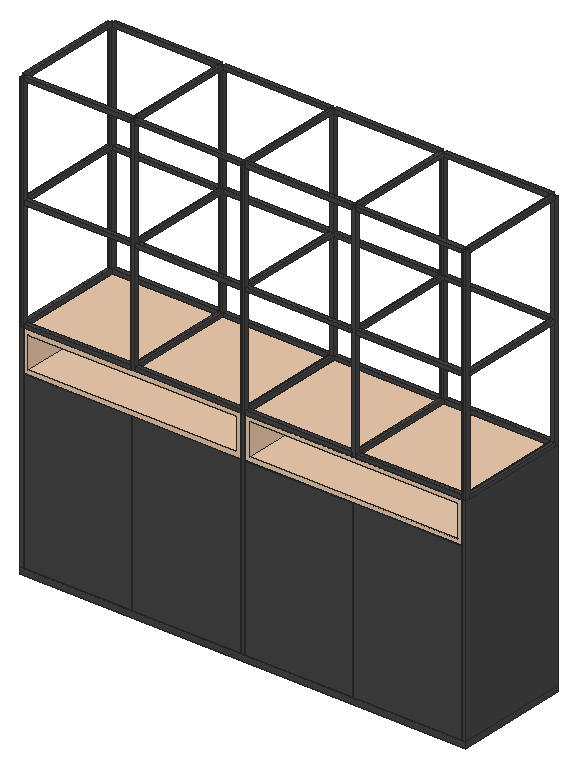
Revit family "DBLTD_TheSenatorGroup_OffcStrg_CrateDivide_StorageMounted", category Furniture, Revit 2018
Family settings
  Work Plane-Based = No
  Always vertical = Yes
  Cut with Voids When Loaded = No
  Shared = Yes
  Room Calculation Point = No
Parameters (values of type "2-High 4 Bay on Cubby Storage")
  WarrantyStartDate [instance] = "1900-12-31T23:59:59"
  WarrantyGuarantorParts = "n/a"
  WarrantyGuarantorLabor = "n/a"
  WarrantyDurationUnit = "Years"
  WarrantyDurationParts = "n/a"
  WarrantyDurationLabor = "n/a"
  WarrantyDescription = "Allermuir will repair, or replace (at Allermuir’s sole discretion) with comparable free of charge materials/ components, any product/ component which fails under normal use in a single shift environment, as a result of a defect in the materials and/or workmanship. Exceptions - Non-standard product - 2 years Screen-mounted Accessories/ Dry-wipe Boards - 2 years Electrical and/or electronic componentry - 2 years. Exclusions - Allermuir does not warrant: Failure due to normal “Wear and Tear”. Natural variations in appearance of wood - its grain, figure and colour. Changes in surface appearance resulting from exposure to light, and the natural ageing process of wood. Changes in surface appearance resulting from the misuse of cleaning materials and methods/ damage form sharp objects/ imprinting from writing implements. Natural variations in Leather - its marks, scars and wrinkles. Product stored/ exposed to extreme operational conditions. Consumable components such as Fuses/ Lights/ lamps/ transformers/etc. Other Manufacturer’s product supplied by Allermuir (their own warranty shall apply where possible). Non-standard fabrics/ finishes or veneers used. Allermuir only checks the manufacturing quality of Customer’s Own Material (COM) and provides no warrant"
  Version = "2"  # constant formula
  UnitMaterial [instance] = TheSenatorGroup_Wood_StrataOak
  Uniclass2015Version = "Products v1.9"
  Uniclass2015Title = "Office storage units"
  Uniclass2015Code = "Pr_40_30_78_57"
  URL = "https://www.thesenatorgroup.com/"
  Type Comments = "2-High 4 Bay on Cubby Storage"
  TagNumber [instance] = "n/a"
  SustainabilityPerformance = "Contains up to 50.00% of Recycled Material"
  Style = "n/a"
  Size = "L 458mm x  W 1784mm x  H 1790mm"
  Shape = "Rectangular"
  SerialNumber [instance] = "n/a"
  Revision = "n/a"
  ReplacementCost = "n/a"
  ProductInformation = "https://www.thesenatorgroup.com/en/catalog/allermuir/tables-storage/crate-divide"
  OmniClassTitle = "Storage"
  OmniClassCode = "22-12 51 19"
  NominalWidth = 1784 mm
  NominalLength = 1784 mm
  NominalHeight = 1790 mm
  NominalDepth = 458 mm
  Name = "OfficeStorage_CrateDivide_StorageMounted"
  NBSReference = "45-35-80/360"
  NBSDescription = "Office storage"
  NBSCertification = ""
  ModelReference = "2-High 4 Bay on Cubby Storage"
  ModelNumber = "CRT2H4BCS"
  Model = "CRT2H4BCS"
  Material = "Tubular Steel"
  ManufacturerURL = "https://www.thesenatorgroup.com/"
  ManufacturerName = "The Senator Group"
  Manufacturer = "The Senator Group"
  MainColor = "n/a"
  Keynote = "Pr_40_30_78_57"
  Is4Bay = yes
  Is3Bay = yes
  Is2Bay = yes
  InstallationDate [instance] = "1900-12-31T23:59:59"
  IfcExportType = "STORAGE"  # constant formula
  IfcExportAs = "IfcFurnitureType"  # constant formula
  HasCubbby = DBLTD_TheSenatorGroup_OffcStrg_CrateDivide_Cubby_Nested : Double Cubby
  HasCentreCastor = yes
  Grade = "n/a"
  FrameMaterial [instance] = TheSenatorGroup_Plastic_Black
  Finish = "Black powder coat as standard. Optional colours available White, Sage, Bronze and Aubergine. MFC Storage available in Black, White or Strata Oak."
  Features = "A cube based modular storage system with a prime function to to act as a room divider. Create spaces using the modular design of Crate. Pre-built components can be connected together in-line or at right angles to create different zones within existing spaces."
  ExpectedLife = "n/a"
  DurationUnit = "year"
  DoorWidth = 432 mm
  DoorHeight = 728 mm
  DoorGap = 18 mm
  Description = "2-High 4 Bay on Cubby Storage"
  Cost = 0
  Constituents = "Tubular Steel frame available in Optional White, Sage, Bronze and Aubergine powder coat"
  Color = "Defined by Finish Specifed"
  CodePerformance = "n/a"
  CentralFrame = not(Is2Bay)  # no
  Category = "Pr_40_30_78_57:Office storage units"
  CarcassMaterial [instance] = TheSenatorGroup_Wood_Black
  BayHeight = DBLTD_TheSenatorGroup_OffcStrg_CrateDivide_Storage_Nested : Bars to Link 2-High Bay Unit
  BarCode [instance] = "n/a"
  BackPanel = 729 mm
  BIMObjectName = "TheSenatorGroup_OfficeStorage_CrateDivide_StorageMounted"
  Author = "Diane Butterworth Ltd"  # constant formula
  AssetType = "Movable"
  AssetIdentifier [instance] = "n/a"
  AccessibilityPerformance = "n/a"
  3BayFoot = no
Types (11, lengths in mm): name | Type Comments | Size | NominalWidth | NominalLength | NominalHeight | ModelReference | ModelNumber | Model | Is4Bay | Is3Bay | HasCubbby | HasCentreCastor | DoorWidth | DoorHeight | DoorGap | Description | CarcassMaterial | BayHeight | BackPanel | 3BayFoot
  (no name) | "2-High 4 Bay on Cubby Storage" | "L 458mm x  W 1784mm x  H 1790mm" | 1784 | 1784 | 1790 | "2-High 4 Bay on Cubby Storage" | "CRT2H4BCS" | "CRT2H4BCS" | yes | yes | DBLTD_TheSenatorGroup_OffcStrg_CrateDivide_Cubby_Nested : Double Cubby | yes | 432 | 728 | 18 | "2-High 4 Bay on Cubby Storage" | TheSenatorGroup_Wood_Black | DBLTD_TheSenatorGroup_OffcStrg_CrateDivide_Storage_Nested : Bars to Link 2-High Bay Unit | 729 | no
  2-High 2 Bay on Cubby Storage | "2-High 2 Bay on Cubby Storage" | "L 458mm x  W 900mm x  H 1790mm" | 900 | 900 | 1790 | "2-High 2 Bay on Cubby Storage" | "CRT2H2BCS" | "CRT2H2BCS" | no | no | DBLTD_TheSenatorGroup_OffcStrg_CrateDivide_Cubby_Nested : Single Cubby | no | 432 | 728 | 1 | "2-High 2 Bay on Cubby Storage" | TheSenatorGroup_Wood_StrataOak | DBLTD_TheSenatorGroup_OffcStrg_CrateDivide_Storage_Nested : Bars to Link 2-High Bay Unit | 729 | no
  2-High 3 Bay on Storage | "2-High 3 Bay on Storage" | "L 458mm x  W 1342mm x  H 1790mm" | 1342 | 1342 | 1790 | "2-High 3 Bay on Storage" | "CRT2H3BS" | "CRT2H3BS" | no | yes | DBLTD_TheSenatorGroup_OffcStrg_CrateDivide_Cubby_Nested : No Cubby | yes | 441 | 873 | 1 | "2-High 3 Bay on Storage" | TheSenatorGroup_Wood_StrataOak | DBLTD_TheSenatorGroup_OffcStrg_CrateDivide_Storage_Nested : Bars to Link 2-High Bay Unit | 874 | yes
  2-High 4 Bay on Cubby Storage | "2-High 4 Bay on Cubby Storage" | "L 458mm x  W 1784mm x  H 1790mm" | 1784 | 1784 | 1790 | "2-High 4 Bay on Cubby Storage" | "CRT2H4BCS" | "CRT2H4BCS" | yes | yes | DBLTD_TheSenatorGroup_OffcStrg_CrateDivide_Cubby_Nested : Double Cubby | yes | 432 | 728 | 18 | "2-High 4 Bay on Cubby Storage" | TheSenatorGroup_Wood_Black | DBLTD_TheSenatorGroup_OffcStrg_CrateDivide_Storage_Nested : Bars to Link 2-High Bay Unit | 729 | no
  2-High 2 Bay on Storage | "2-High 2 Bay on Cubby Storage" | "L 458mm x  W 900mm x  H 1790mm" | 900 | 900 | 1790 | "2-High 2 Bay on Cubby Storage" | "CRT2H2BCS" | "CRT2H2BCS" | no | no | DBLTD_TheSenatorGroup_OffcStrg_CrateDivide_Cubby_Nested : No Cubby | no | 432 | 873 | 1 | "2-High 2 Bay on Cubby Storage" | TheSenatorGroup_Wood_StrataOak | DBLTD_TheSenatorGroup_OffcStrg_CrateDivide_Storage_Nested : Bars to Link 2-High Bay Unit | 874 | no
  3-High 2 Bay on Cubby Storage | "2-High 2 Bay on Cubby Storage" | "L 458mm x  W 1342mm x  H 2232mm" | 900 | 900 | 2232 | "2-High 2 Bay on Cubby Storage" | "CRT2H2BCS" | "CRT2H2BCS" | no | no | DBLTD_TheSenatorGroup_OffcStrg_CrateDivide_Cubby_Nested : Single Cubby | no | 432 | 728 | 1 | "2-High 2 Bay on Cubby Storage" | TheSenatorGroup_Wood_StrataOak | DBLTD_TheSenatorGroup_OffcStrg_CrateDivide_Storage_Nested : Bars to Link 3-High Bay Unit | 729 | no
  2-High 4 Bay on Storage | "2-High 4 Bay on Storage" | "L 458mm x  W 1784mm x  H 1790mm" | 1784 | 1784 | 1790 | "2-High 4 Bay on Storage" | "CRT2H4BS" | "CRT2H4BS" | yes | yes | DBLTD_TheSenatorGroup_OffcStrg_CrateDivide_Cubby_Nested : No Cubby | yes | 432 | 873 | 18 | "2-High 4 Bay on Storage" | TheSenatorGroup_Wood_Black | DBLTD_TheSenatorGroup_OffcStrg_CrateDivide_Storage_Nested : Bars to Link 2-High Bay Unit | 874 | no
  3-High 4 Bay on Storage | "3-High 4 Bay on Storage" | "L 458mm x  W 1784mm x  H 2232mm" | 1784 | 1784 | 2232 | "3-High 4 Bay on Storage" | "CRT3H4BS" | "CRT3H4BS" | yes | yes | DBLTD_TheSenatorGroup_OffcStrg_CrateDivide_Cubby_Nested : No Cubby | yes | 432 | 873 | 18 | "3-High 4 Bay on Storage" | TheSenatorGroup_Wood_Black | DBLTD_TheSenatorGroup_OffcStrg_CrateDivide_Storage_Nested : Bars to Link 3-High Bay Unit | 874 | no
  3-High 4 Bay on Cubby Storage | "3-High 4 Bay on Cubby Storage" | "L 458mm x  W 1784mm x  H 2232mm" | 1784 | 1784 | 2232 | "3-High 4 Bay on Cubby Storage" | "CRT3H4BCS" | "CRT3H4BCS" | yes | yes | DBLTD_TheSenatorGroup_OffcStrg_CrateDivide_Cubby_Nested : Double Cubby | yes | 432 | 728 | 18 | "3-High 4 Bay on Cubby Storage" | TheSenatorGroup_Wood_Black | DBLTD_TheSenatorGroup_OffcStrg_CrateDivide_Storage_Nested : Bars to Link 3-High Bay Unit | 729 | no
  3-High 3 Bay on Storage | "3-High 3 Bay on Storage" | "L 458mm x  W 1342mm x  H 2232mm" | 1342 | 1342 | 2232 | "3-High 3 Bay on Storage" | "CRT3H3BS" | "CRT3H3BS" | no | yes | DBLTD_TheSenatorGroup_OffcStrg_CrateDivide_Cubby_Nested : No Cubby | yes | 441 | 873 | 1 | "3-High 3 Bay on Storage" | TheSenatorGroup_Wood_StrataOak | DBLTD_TheSenatorGroup_OffcStrg_CrateDivide_Storage_Nested : Bars to Link 3-High Bay Unit | 874 | yes
  3-High 2 Bay on Storage | "3-High 2 Bay on Cubby Storage" | "L 458mm x  W 900mm x  H 2232mm" | 900 | 900 | 2232 | "3-High 2 Bay on Cubby Storage" | "CRT3H2BS" | "CRT3H2BS" | no | no | DBLTD_TheSenatorGroup_OffcStrg_CrateDivide_Cubby_Nested : No Cubby | no | 432 | 873 | 1 | "3-High 2 Bay on Cubby Storage" | TheSenatorGroup_Wood_StrataOak | DBLTD_TheSenatorGroup_OffcStrg_CrateDivide_Storage_Nested : Bars to Link 3-High Bay Unit | 874 | no
Reference planes
  plane 1 "Back": y = 0
  plane 2: z = 0
  plane 3 "Center (Left/Right)": x = 0
  plane 4 "Front": y = -458
  plane 5 "Left": x = -892
  plane 6 "Right": x = 892
  plane 7 "Top": z = 1790
  plane 8: y = -229
  plane 9: z = 31.5
Forms (mm)
  Extrusion 1, solid, material "TheSenatorGroup_Wood_Black" <- "CarcassMaterial"
    sketch origin (0, 0, 0) x (1, 0, 0) y (0, 0, 1)
      loop
        line (-892, 892) -> (-892, 31.5) -> (-876.06, 31.5) -> (-876.06, 892) -> (-892, 892)
      loop
        line (892, 892) -> (876.06, 892) -> (876.06, 31.5) -> (892, 31.5) -> (892, 892)
    from 0 to 458
  Extrusion 2, solid, material "TheSenatorGroup_Wood_Black" <- "CarcassMaterial", visible <- "Is4Bay"
    sketch origin (442.06, 0, 0) x (1, 0, 0) y (0, 0, 1)
      loop
        line (-450.03, 892) -> (-450.03, 31.5) -> (-434.09, 31.5) -> (-434.09, 892) -> (-450.03, 892)
    from 16 to 458
  Extrusion 3, solid, material "TheSenatorGroup_Wood_Black" <- "CarcassMaterial"
    sketch origin (0, 0, -95) x (1, 0, 0) y (0, 0, 1)
      loop
        line (-892, 126.5) -> (-892, 102) -> (892, 102) -> (892, 126.5) -> (-892, 126.5)
    from 0 to 458
  Extrusion 4, solid, material "TheSenatorGroup_Wood_Black" <- "CarcassMaterial"
    sketch origin (0, 0, 0) x (1, 0, 0) y (0, 0, 1)
      loop
        line (-876.06, 729) -> (-876.06, 31.5) -> (876.06, 31.5) -> (876.06, 729) -> (-876.06, 729)
    from 0 to 16
  Extrusion 5, solid, material "TheSenatorGroup_Wood_Black" <- "CarcassMaterial"
    sketch origin (0, 0, 0) x (1, 0, 0) y (0, 0, 1)
      loop
        line (-875.06, 728) -> (-875.06, 32.5) -> (-442.97, 32.5) -> (-442.97, 728) -> (-875.06, 728)
    from 442.12 to 458
  Extrusion 6, solid, material "TheSenatorGroup_Wood_Black" <- "CarcassMaterial"
    sketch origin (-883.94, 0, 0) x (-1, 0, 0) y (0, 0, -1)
      loop
        line (-874.97, -728) -> (-442.97, -728) -> (-442.97, -31.5) -> (-874.97, -31.5) -> (-874.97, -728)
    from 442.12 to 458
  Extrusion 7, solid, material "TheSenatorGroup_Wood_Black" <- "CarcassMaterial", visible <- "Is3Bay"
    sketch origin (0.12, 0, 0) x (-1, 0, 0) y (0, 0, -1)
      loop
        line (-441, -728) -> (-8.91, -728) -> (-8.91, -31.5) -> (-441, -31.5) -> (-441, -728)
    from 442.12 to 458
  Extrusion 8, solid, material "TheSenatorGroup_Wood_Black" <- "CarcassMaterial", visible <- "Is4Bay"
    sketch origin (433.21, 0, 0) x (-1, 0, 0) y (0, 0, -1)
      loop
        line (-442, -728) -> (-9.91, -728) -> (-9.91, -31.5) -> (-442, -31.5) -> (-442, -728)
    from 442.12 to 458
Dimensions and locks
  "NominalDepth": plane 4 "Front" to plane 1 "Back"
  equal spacing: plane 5 "Left", plane 3 "Center (Left/Right)", plane 6 "Right"
  "NominalLength": plane 5 "Left" to plane 6 "Right"
  "NominalHeight": plane 7 "Top" to level
  equal spacing: plane 4 "Front", plane 8, plane 1 "Back"
  locked: Extrusion 1 sketch curve to plane 5 "Left" at 15.94
  locked: plane 6 "Right" to Extrusion 1 sketch curve at 15.94
  locked: Extrusion 2 sketch curve to Extrusion 2 sketch curve at 15.94
  equal spacing: Extrusion 2 sketch curve, plane 3 "Center (Left/Right)", Extrusion 2 sketch curve
  locked: Extrusion 5 sketch curve to plane 5 "Left" at 16.94
  locked: Extrusion 5 sketch curve to Extrusion 5 sketch curve at 432.09
  "DoorWidth": Extrusion 6 sketch curve to Extrusion 6 sketch curve
  locked: Extrusion 6 sketch curve to Extrusion 5 at 2
  locked: Extrusion 7 sketch curve to Extrusion 7 sketch curve at 432.09
  "DoorGap": Extrusion 7 sketch curve to Extrusion 6
  locked: Extrusion 8 sketch curve to Extrusion 8 sketch curve at 432.09
  locked: Extrusion 8 sketch curve to Extrusion 7 at 2
  Extrusion 5 sketch curve to plane 2 = 32.5 mm
  "DoorHeight": Extrusion 5 sketch curve to plane 2
  "DoorHeight": Extrusion 6 sketch curve to plane 2
  "DoorHeight": Extrusion 7 sketch curve to plane 2
  "DoorHeight": Extrusion 8 sketch curve to plane 2
  "BackPanel": Extrusion 4 sketch curve to level
  aligned and locked: level to plane 2
  aligned and locked: plane 5 "Left" to Extrusion 1 sketch curve
  aligned and locked: plane 6 "Right" to Extrusion 1 sketch curve
  aligned and locked: Extrusion 3 sketch curve to plane 6 "Right"
  aligned and locked: plane 5 "Left" to Extrusion 3 sketch curve
  aligned and locked: nested 3 to nested 1
  aligned and locked: nested 2 to nested 3
  aligned and locked: nested 4 to nested 2
  aligned and locked: plane 5 "Left" to nested 1
  aligned and locked: Extrusion 6 to Extrusion 7 sketch curve
  aligned and locked: Extrusion 7 to Extrusion 8 sketch curve
  aligned and locked: plane 5 "Left" to nested 5
Automatic sketch dimensions
  level to Extrusion 1 sketch curve = 31.5 mm  (x2)
  Extrusion 1 sketch curve to Extrusion 1 sketch curve = 860.5 mm  (x2)
  level to Extrusion 2 sketch curve = 31.5 mm
  Extrusion 2 sketch curve to Extrusion 2 sketch curve = 860.5 mm
  Extrusion 3 sketch curve to plane 9 = 0 mm
  level to Extrusion 3 sketch curve = 7 mm
  Extrusion 4 sketch curve to plane 9 = 0 mm
  plane 5 "Left" to Extrusion 4 sketch curve = 15.94 mm
  Extrusion 4 sketch curve to plane 6 "Right" = 15.94 mm
  Extrusion 6 sketch curve to plane 9 = 0 mm
Nested families
  nested 1: "DBLTD_TheSenatorGroup_OffcStrg_CrateDivide_Storage_Nested" at (-663, 0, 0), FrameMaterial <- "FrameMaterial", type <- "BayHeight", type "Bars to Link 2-High Bay Unit"
    with WarrantyStartDate "1900-12-31T23:59:59", TagNumber "n/a", SerialNumber "n/a", InstallationDate "1900-12-31T23:59:59", FrameMaterial TheSenatorGroup_Plastic_Black, BarCode "n/a", AssetIdentifier "n/a"
  nested 2: "DBLTD_TheSenatorGroup_OffcStrg_CrateDivide_Storage_Nested" at (221.12, 0, 0), FrameMaterial <- "FrameMaterial", visible <- "Is3Bay", type <- "BayHeight", type "Bars to Link 2-High Bay Unit"
    with WarrantyStartDate "1900-12-31T23:59:59", TagNumber "n/a", SerialNumber "n/a", InstallationDate "1900-12-31T23:59:59", FrameMaterial TheSenatorGroup_Plastic_Black, BarCode "n/a", AssetIdentifier "n/a"
  nested 3: "DBLTD_TheSenatorGroup_OffcStrg_CrateDivide_Storage_Nested" at (-220.94, 0, 0), FrameMaterial <- "FrameMaterial", visible <- "Is2Bay", type <- "BayHeight", type "Bars to Link 2-High Bay Unit"
    with WarrantyStartDate "1900-12-31T23:59:59", TagNumber "n/a", SerialNumber "n/a", InstallationDate "1900-12-31T23:59:59", FrameMaterial TheSenatorGroup_Plastic_Black, BarCode "n/a", AssetIdentifier "n/a"
  nested 4: "DBLTD_TheSenatorGroup_OffcStrg_CrateDivide_Storage_Nested" at (663.18, 0, 0), FrameMaterial <- "FrameMaterial", visible <- "Is4Bay", type <- "BayHeight", type "Bars to Link 2-High Bay Unit"
    with WarrantyStartDate "1900-12-31T23:59:59", TagNumber "n/a", SerialNumber "n/a", InstallationDate "1900-12-31T23:59:59", FrameMaterial TheSenatorGroup_Plastic_Black, BarCode "n/a", AssetIdentifier "n/a"
  nested 5: "DBLTD_TheSenatorGroup_OffcStrg_CrateDivide_Cubby_Nested" at (-663, 0, 0), type <- "HasCubbby", Width <- "NominalWidth", FrameMaterial <- "CarcassMaterial", UnitMaterial <- "UnitMaterial", Is4Bay <- "Is4Bay", 3BayFoot <- "3BayFoot", type "Double Cubby"
    with Width 1784 mm, UnitMaterial TheSenatorGroup_Wood_StrataOak, IsBay3 yes, Is4Bay yes, FrameMaterial TheSenatorGroup_Wood_Black, 3BayFoot no
Definition of nested family "DBLTD_TheSenatorGroup_OffcStrg_CrateDivide_Storage_Nested"
  Parameters (values of type "Bars to Link 3-High Bay Unit")
    WarrantyStartDate [instance] = "1900-12-31T23:59:59"
    WarrantyGuarantorParts = "n/a"
    WarrantyGuarantorLabor = "n/a"
    WarrantyDurationUnit = "Years"
    WarrantyDurationParts = "n/a"
    WarrantyDurationLabor = "n/a"
    WarrantyDescription = "Allermuir will repair, or replace (at Allermuir’s sole discretion) with comparable free of charge materials/ components, any product/ component which fails under normal use in a single shift environment, as a result of a defect in the materials and/or workmanship. Exceptions - Non-standard product - 2 years Screen-mounted Accessories/ Dry-wipe Boards - 2 years Electrical and/or electronic componentry - 2 years. Exclusions - Allermuir does not warrant: Failure due to normal “Wear and Tear”. Natural variations in appearance of wood - its grain, figure and colour. Changes in surface appearance resulting from exposure to light, and the natural ageing process of wood. Changes in surface appearance resulting from the misuse of cleaning materials and methods/ damage form sharp objects/ imprinting from writing implements. Natural variations in Leather - its marks, scars and wrinkles. Product stored/ exposed to extreme operational conditions. Consumable components such as Fuses/ Lights/ lamps/ transformers/etc. Other Manufacturer’s product supplied by Allermuir (their own warranty shall apply where possible). Non-standard fabrics/ finishes or veneers used. Allermuir only checks the manufacturing quality of Customer’s Own Material (COM) and provides no warrant"
    Version = "2"  # constant formula
    Uniclass2015Version = "Products v1.9"
    Uniclass2015Title = "Office storage units"
    Uniclass2015Code = "Pr_40_30_78_57"
    URL = "https://www.thesenatorgroup.com/"
    Type Comments = ModelReference  # "Connector bars to link 3-high bay unit"
    TagNumber [instance] = "n/a"
    SustainabilityPerformance = "Contains up to 50.00% of Recycled Material"
    Style = "n/a"
    Size = "L 458mm x  W 458mm x  H 1348mm"
    Shape = "Rectangular"
    SerialNumber [instance] = "n/a"
    Revision = "n/a"
    ReplacementCost = "n/a"
    ProductInformation = "https://www.thesenatorgroup.com/en/catalog/allermuir/tables-storage/crate-divide"
    OmniClassTitle = "Storage"
    OmniClassCode = "22-12 51 19"
    NominalWidth = NominalLength  # 458 mm
    NominalLength = 458 mm
    NominalHeight = 1348 mm
    NominalDepth = 458 mm
    Name = "OfficeStorage_CrateDivide_LinkingBars"
    NBSReference = "45-35-80/360"
    NBSDescription = "Office storage"
    NBSCertification = ""
    ModelReference = "Connector bars to link 3-high bay unit"
    ModelNumber = "CRT8CB"
    Model = ModelNumber  # "CRT8CB"
    Material = "Tubular Steel"
    ManufacturerURL = "https://www.thesenatorgroup.com/"
    ManufacturerName = "The Senator Group"
    Manufacturer = "The Senator Group"
    MainColor = "n/a"
    Keynote = "Pr_40_30_78_57"
    Is2Bay [instance] = yes
    InstallationDate [instance] = "1900-12-31T23:59:59"
    IfcExportType = "STORAGE"  # constant formula
    IfcExportAs = "IfcFurnitureType"  # constant formula
    Grade = "n/a"
    FrameNumber = 3
    FrameMaterial [instance] = none
    Finish = "Black powder coat as standard. Optional colours available White, Sage, Bronze and Aubergine"
    Features = "A cube based modular storage system with a prime function to to act as a room divider. Create spaces using the modular design of Crate. Pre-built components can be connected together in-line or at right angles to create different zones within existing spaces."
    FameHeight = 1342 mm
    ExpectedLife = "n/a"
    DurationUnit = "year"
    Description = ModelReference  # "Connector bars to link 3-high bay unit"
    Cost = 0
    Constituents = "Tubular Steel frame available in Optional White, Sage, Bronze and Aubergine powder coat"
    Color = "Defined by Finish Specifed"
    CodePerformance = "n/a"
    Category = "Pr_40_30_78_57:Office storage units"
    BarCode [instance] = "n/a"
    BIMObjectName = "TheSenatorGroup_OfficeStorage_CrateDivide_LinkingBars"
    Author = "Diane Butterworth Ltd"  # constant formula
    AssetType = "Movable"
    AssetIdentifier [instance] = "n/a"
    AccessibilityPerformance = "n/a"
  Types (2, lengths in mm): name | Type Comments | Size | NominalHeight | ModelReference | ModelNumber | Model | FrameNumber | FameHeight | Description
    Bars to Link 2-High Bay Unit | "Connector bars to link 2-high bay unit" | "L 458mm x  W 458mm x  H 900mm" | 900 | "Connector bars to link 2-high bay unit" | "CRT6CB" | "CRT6CB" | 2 | 899.93 | "Connector bars to link 2-high bay unit"
    Bars to Link 3-High Bay Unit | "Connector bars to link 3-high bay unit" | "L 458mm x  W 458mm x  H 1348mm" | 1348 | "Connector bars to link 3-high bay unit" | "CRT8CB" | "CRT8CB" | 3 | 1342 | "Connector bars to link 3-high bay unit"
  Reference planes
    plane 1 "Back": y = 0
    plane 2: z = 0
    plane 3 "Center (Left/Right)": x = 0
    plane 4 "Front": y = -458
    plane 5 "Left": x = -229
    plane 6 "Right": x = 229
    plane 7: y = -229
    plane 8: z = 892
  Forms (mm)
    Extrusion 1, solid, material <- "FrameMaterial"
      sketch origin (0, 0, 882) x (0, 1, 0) y (0, 0, 1)
        loop
          line (-442.12, 25.88) -> (-458, 25.88) -> (-458, 10) -> (-442.12, 10) -> (-442.12, 25.88)
        loop
          line (0, 25.88) -> (-16, 25.88) -> (-16, 10) -> (0, 10) -> (0, 25.88)
        loop
          line (-2, 23.88) -> (-14, 23.88) -> (-14, 12) -> (-2, 12) -> (-2, 23.88)
        loop
          line (-444.12, 23.88) -> (-456, 23.88) -> (-456, 12) -> (-444.12, 12) -> (-444.12, 23.88)
      from -213.06 to 213.06
    Extrusion 2, solid, material <- "FrameMaterial"
      sketch origin (0, 0, 1324.05) x (0, 1, 0) y (0, 0, 1)
        loop
          line (-442.12, 25.88) -> (-458, 25.88) -> (-458, 10) -> (-442.12, 10) -> (-442.12, 25.88)
        loop
          line (0, 25.88) -> (-16, 25.88) -> (-16, 10) -> (0, 10) -> (0, 25.88)
        loop
          line (-2, 23.88) -> (-14, 23.88) -> (-14, 12) -> (-2, 12) -> (-2, 23.88)
        loop
          line (-444.12, 23.88) -> (-456, 23.88) -> (-456, 12) -> (-444.12, 12) -> (-444.12, 23.88)
      from -213.06 to 213.06
    Extrusion 3, solid, material <- "FrameMaterial"
      sketch origin (0, 0, 1766.05) x (0, 1, 0) y (0, 0, 1)
        loop
          line (-442.12, 25.88) -> (-458, 25.88) -> (-458, 10) -> (-442.12, 10) -> (-442.12, 25.88)
        loop
          line (0, 25.88) -> (-16, 25.88) -> (-16, 10) -> (0, 10) -> (0, 25.88)
        loop
          line (-2, 23.88) -> (-14, 23.88) -> (-14, 12) -> (-2, 12) -> (-2, 23.88)
        loop
          line (-444.12, 23.88) -> (-456, 23.88) -> (-456, 12) -> (-444.12, 12) -> (-444.12, 23.88)
      from -213.06 to 213.06
    Extrusion 4, solid, material <- "FrameMaterial", visible <- "Is2Bay"
      sketch origin (0, 0, 884) x (-1, 0, 0) y (0, -1, 0)
        loop
          line (229, 0) -> (229, 16) -> (213.06, 16) -> (213.06, 0) -> (229, 0)
        loop
          line (213.06, 442.12) -> (229, 442.12) -> (229, 458) -> (213.06, 458) -> (213.06, 442.12)
        loop
          line (227, 2) -> (227, 14) -> (215.06, 14) -> (215.06, 2) -> (227, 2)
        loop
          line (227, 444.12) -> (227, 456.12) -> (215.06, 456.12) -> (215.06, 444.12) -> (227, 444.12)
      from 8 to 1342 <- "FameHeight"
    Extrusion 5, solid, material <- "FrameMaterial"
      sketch origin (0, 0, 884) x (1, 0, 0) y (0, 1, 0)
        loop
          line (229, 0) -> (213.06, 0) -> (213.06, -16) -> (229, -16) -> (229, 0)
        loop
          line (213.06, -442.12) -> (213.06, -458) -> (229, -458) -> (229, -442.12) -> (213.06, -442.12)
        loop
          line (227, -2) -> (215.06, -2) -> (215.06, -14) -> (227, -14) -> (227, -2)
        loop
          line (227, -444.12) -> (215.06, -444.12) -> (215.06, -456.12) -> (227, -456.12) -> (227, -444.12)
      from 8 to 1342 <- "FameHeight"
    Extrusion 6, solid, material <- "FrameMaterial"
      sketch origin (-229, -229.06, 882) x (-1, 0, 0) y (0, 0, 1)
        loop
          line (-442.06, 25.88) -> (-458, 25.88) -> (-458, 10) -> (-442.06, 10) -> (-442.06, 25.88)
        loop
          line (-444.06, 23.88) -> (-456, 23.88) -> (-456, 12) -> (-444.06, 12) -> (-444.06, 23.88)
      from -213.06 to 213.06
    Extrusion 7, solid, material <- "FrameMaterial", visible <- "Is2Bay"
      sketch origin (-671.06, -229.06, 882) x (-1, 0, 0) y (0, 0, 1)
        loop
          line (-442.06, 25.88) -> (-458, 25.88) -> (-458, 10) -> (-442.06, 10) -> (-442.06, 25.88)
        loop
          line (-444.06, 23.88) -> (-456, 23.88) -> (-456, 12) -> (-444.06, 12) -> (-444.06, 23.88)
      from -213.06 to 213.06
    Extrusion 8, solid, material <- "FrameMaterial", not visible
      sketch origin (-229, -229.06, -10) x (-1, 0, 0) y (0, 0, 1)
        loop
          line (-442.06, 25.88) -> (-458, 25.88) -> (-458, 10) -> (-442.06, 10) -> (-442.06, 25.88)
        loop
          line (-444.06, 23.88) -> (-456, 23.88) -> (-456, 12) -> (-444.06, 12) -> (-444.06, 23.88)
      from -213.06 to 213.06
    Extrusion 9, solid, material <- "FrameMaterial", visible <- "Is2Bay", not visible
      sketch origin (-671.06, -229.06, -10) x (-1, 0, 0) y (0, 0, 1)
        loop
          line (-442.06, 25.88) -> (-458, 25.88) -> (-458, 10) -> (-442.06, 10) -> (-442.06, 25.88)
        loop
          line (-444.06, 23.88) -> (-456, 23.88) -> (-456, 12) -> (-444.06, 12) -> (-444.06, 23.88)
      from -213.06 to 213.06
    Extrusion 10, solid, material <- "FrameMaterial"
      sketch origin (-229, -229.06, 1324.05) x (-1, 0, 0) y (0, 0, 1)
        loop
          line (-442.06, 25.88) -> (-458, 25.88) -> (-458, 10) -> (-442.06, 10) -> (-442.06, 25.88)
        loop
          line (-444.06, 23.88) -> (-456, 23.88) -> (-456, 12) -> (-444.06, 12) -> (-444.06, 23.88)
      from -213.06 to 213.06
    Extrusion 11, solid, material <- "FrameMaterial", visible <- "Is2Bay"
      sketch origin (-671.06, -229.06, 1324.05) x (-1, 0, 0) y (0, 0, 1)
        loop
          line (-442.06, 25.88) -> (-458, 25.88) -> (-458, 10) -> (-442.06, 10) -> (-442.06, 25.88)
        loop
          line (-444.06, 23.88) -> (-456, 23.88) -> (-456, 12) -> (-444.06, 12) -> (-444.06, 23.88)
      from -213.06 to 213.06
    Extrusion 12, solid, material <- "FrameMaterial"
      sketch origin (-229, -229.06, 1766.05) x (-1, 0, 0) y (0, 0, 1)
        loop
          line (-442.06, 25.88) -> (-458, 25.88) -> (-458, 10) -> (-442.06, 10) -> (-442.06, 25.88)
        loop
          line (-444.06, 23.88) -> (-456, 23.88) -> (-456, 12) -> (-444.06, 12) -> (-444.06, 23.88)
      from -213.06 to 213.06
    Extrusion 13, solid, material <- "FrameMaterial", visible <- "Is2Bay"
      sketch origin (-671.06, -229.06, 1766.05) x (-1, 0, 0) y (0, 0, 1)
        loop
          line (-442.06, 25.88) -> (-458, 25.88) -> (-458, 10) -> (-442.06, 10) -> (-442.06, 25.88)
        loop
          line (-444.06, 23.88) -> (-456, 23.88) -> (-456, 12) -> (-444.06, 12) -> (-444.06, 23.88)
      from -213.06 to 213.06
    Extrusion 14, solid, material <- "FrameMaterial"
      sketch origin (0, 0, 2208.05) x (0, 1, 0) y (0, 0, 1)
        loop
          line (-442.12, 25.88) -> (-458, 25.88) -> (-458, 10) -> (-442.12, 10) -> (-442.12, 25.88)
        loop
          line (0, 25.88) -> (-16, 25.88) -> (-16, 10) -> (0, 10) -> (0, 25.88)
        loop
          line (-2, 23.88) -> (-14, 23.88) -> (-14, 12) -> (-2, 12) -> (-2, 23.88)
        loop
          line (-444.12, 23.88) -> (-456, 23.88) -> (-456, 12) -> (-444.12, 12) -> (-444.12, 23.88)
      from -213.06 to 213.06
    Extrusion 15, solid, material <- "FrameMaterial"
      sketch origin (-229, -229.06, 2208.05) x (-1, 0, 0) y (0, 0, 1)
        loop
          line (-442.06, 25.88) -> (-458, 25.88) -> (-458, 10) -> (-442.06, 10) -> (-442.06, 25.88)
        loop
          line (-444.06, 23.88) -> (-456, 23.88) -> (-456, 12) -> (-444.06, 12) -> (-444.06, 23.88)
      from -213.06 to 213.06
    Extrusion 16, solid, material <- "FrameMaterial", visible <- "Is2Bay"
      sketch origin (-671.06, -229.06, 2208.05) x (-1, 0, 0) y (0, 0, 1)
        loop
          line (-442.06, 25.88) -> (-458, 25.88) -> (-458, 10) -> (-442.06, 10) -> (-442.06, 25.88)
        loop
          line (-444.06, 23.88) -> (-456, 23.88) -> (-456, 12) -> (-444.06, 12) -> (-444.06, 23.88)
      from -213.06 to 213.06
  Dimensions and locks
    "NominalDepth": plane 4 "Front" to plane 1 "Back"
    equal spacing: plane 5 "Left", plane 3 "Center (Left/Right)", plane 6 "Right"
    "NominalLength": plane 5 "Left" to plane 6 "Right"
    equal spacing: plane 4 "Front", plane 7, plane 1 "Back"
    Extrusion 2 to level = 1349.93 mm
    equal spacing: group 2, group 3, group 8  (x3)
    equal spacing: group 6, group 7, group 9  (x3)
    plane 8 to level = 892 mm
    locked: Extrusion 2 to plane 8 at 442.05
    locked: Extrusion 3 to plane 8 at 884.05
    aligned and locked: level to plane 2
    aligned and locked: Extrusion 1 to plane 8
    aligned and locked: Extrusion 4 to plane 8
    aligned and locked: Extrusion 5 to plane 8
    aligned and locked: Extrusion 6 to plane 8
    aligned and locked: Extrusion 11 to Extrusion 2
    aligned and locked: Extrusion 13 to Extrusion 3
  Automatic sketch dimensions
    Extrusion 1 sketch curve to Extrusion 1 sketch curve = 15.88 mm  (x3)
    Extrusion 1 sketch curve to Extrusion 1 sketch curve = 2 mm  (x8)
    Extrusion 1 sketch curve to Extrusion 1 sketch curve = 426.12 mm
    Extrusion 1 sketch curve to Extrusion 1 sketch curve = 12 mm
    Extrusion 1 sketch curve to Extrusion 1 sketch curve = 0 mm
    Extrusion 2 sketch curve to Extrusion 2 sketch curve = 15.88 mm  (x3)
    Extrusion 2 sketch curve to Extrusion 2 sketch curve = 2 mm  (x8)
    Extrusion 2 sketch curve to Extrusion 2 sketch curve = 426.12 mm
    Extrusion 2 sketch curve to Extrusion 2 sketch curve = 12 mm
    Extrusion 2 sketch curve to Extrusion 2 sketch curve = 0 mm
    Extrusion 3 sketch curve to Extrusion 3 sketch curve = 15.88 mm  (x3)
    Extrusion 3 sketch curve to Extrusion 3 sketch curve = 2 mm  (x8)
    Extrusion 3 sketch curve to Extrusion 3 sketch curve = 426.12 mm
    Extrusion 3 sketch curve to Extrusion 3 sketch curve = 12 mm
    Extrusion 3 sketch curve to Extrusion 3 sketch curve = 0 mm
    plane 1 "Back" to Extrusion 4 sketch curve = 0 mm
    Extrusion 4 sketch curve to plane 4 "Front" = 0 mm
    Extrusion 4 sketch curve to plane 5 "Left" = 0 mm  (x2)
    plane 5 "Left" to Extrusion 4 sketch curve = 2 mm  (x2)
    plane 1 "Back" to Extrusion 4 sketch curve = 2 mm
    Extrusion 4 sketch curve to Extrusion 4 sketch curve = 11.94 mm  (x2)
    Extrusion 4 sketch curve to Extrusion 4 sketch curve = 2 mm  (x4)
    Extrusion 4 sketch curve to Extrusion 4 sketch curve = 12 mm
    plane 4 "Front" to Extrusion 4 sketch curve = 15.88 mm
    plane 4 "Front" to Extrusion 4 sketch curve = 1.88 mm
    plane 1 "Back" to Extrusion 5 sketch curve = 0 mm
    Extrusion 5 sketch curve to plane 4 "Front" = 0 mm
    Extrusion 5 sketch curve to plane 6 "Right" = 0 mm  (x2)
    Extrusion 5 sketch curve to plane 6 "Right" = 2 mm  (x2)
    plane 1 "Back" to Extrusion 5 sketch curve = 2 mm
    Extrusion 5 sketch curve to Extrusion 5 sketch curve = 11.94 mm  (x2)
    Extrusion 5 sketch curve to Extrusion 5 sketch curve = 2 mm  (x4)
    plane 4 "Front" to Extrusion 5 sketch curve = 1.88 mm
    Extrusion 5 sketch curve to Extrusion 5 sketch curve = 12 mm
    Extrusion 5 sketch curve to Extrusion 5 sketch curve = 14 mm
    Extrusion 6 sketch curve to Extrusion 6 sketch curve = 11.94 mm
    Extrusion 6 sketch curve to Extrusion 6 sketch curve = 2 mm  (x4)
    Extrusion 6 sketch curve to Extrusion 6 sketch curve = 11.88 mm
    Extrusion 7 sketch curve to Extrusion 7 sketch curve = 11.94 mm
    Extrusion 7 sketch curve to Extrusion 7 sketch curve = 2 mm  (x4)
    Extrusion 7 sketch curve to Extrusion 7 sketch curve = 11.88 mm
    Extrusion 8 sketch curve to Extrusion 8 sketch curve = 11.94 mm
    Extrusion 8 sketch curve to Extrusion 8 sketch curve = 2 mm  (x4)
    Extrusion 8 sketch curve to Extrusion 8 sketch curve = 11.88 mm
    Extrusion 9 sketch curve to Extrusion 9 sketch curve = 11.94 mm
    Extrusion 9 sketch curve to Extrusion 9 sketch curve = 2 mm  (x4)
    Extrusion 9 sketch curve to Extrusion 9 sketch curve = 11.88 mm
    Extrusion 10 sketch curve to Extrusion 10 sketch curve = 11.94 mm
    Extrusion 10 sketch curve to Extrusion 10 sketch curve = 2 mm  (x4)
    Extrusion 10 sketch curve to Extrusion 10 sketch curve = 11.88 mm
    Extrusion 11 sketch curve to Extrusion 11 sketch curve = 11.94 mm
    Extrusion 11 sketch curve to Extrusion 11 sketch curve = 2 mm  (x4)
    Extrusion 11 sketch curve to Extrusion 11 sketch curve = 11.88 mm
    Extrusion 12 sketch curve to Extrusion 12 sketch curve = 11.94 mm
    Extrusion 12 sketch curve to Extrusion 12 sketch curve = 2 mm  (x4)
    Extrusion 12 sketch curve to Extrusion 12 sketch curve = 11.88 mm
    Extrusion 13 sketch curve to Extrusion 13 sketch curve = 11.94 mm
    Extrusion 13 sketch curve to Extrusion 13 sketch curve = 2 mm  (x4)
    Extrusion 13 sketch curve to Extrusion 13 sketch curve = 11.88 mm
    Extrusion 14 sketch curve to Extrusion 14 sketch curve = 15.88 mm  (x3)
    Extrusion 14 sketch curve to Extrusion 14 sketch curve = 2 mm  (x8)
    Extrusion 14 sketch curve to Extrusion 14 sketch curve = 426.12 mm
    Extrusion 14 sketch curve to Extrusion 14 sketch curve = 12 mm
    Extrusion 14 sketch curve to Extrusion 14 sketch curve = 0 mm
    Extrusion 15 sketch curve to Extrusion 15 sketch curve = 11.94 mm
    Extrusion 15 sketch curve to Extrusion 15 sketch curve = 2 mm  (x4)
    Extrusion 15 sketch curve to Extrusion 15 sketch curve = 11.88 mm
    Extrusion 16 sketch curve to Extrusion 16 sketch curve = 11.94 mm
    Extrusion 16 sketch curve to Extrusion 16 sketch curve = 2 mm  (x4)
    Extrusion 16 sketch curve to Extrusion 16 sketch curve = 11.88 mm
Definition of nested family "DBLTD_TheSenatorGroup_OffcStrg_CrateDivide_Cubby_Nested"
  Parameters (values of type "Single Cubby")
    Width [instance] = 900 mm
    UnitMaterial [instance] = none
    URL = "https://www.thesenatorgroup.com/"
    Type Comments = ""
    SingleCubby = yes
    NoCubby = no
    Model = ""
    Manufacturer = "The Senator Group"
    Keynote = ""
    IsBay3 [instance] = yes
    Is4Bay [instance] = yes
    FrameMaterial [instance] = none
    DoubleCubby = no
    Description = ""
    Cost = 0
    3BayFoot [instance] = yes
  Types (3, lengths in mm): name | Width | SingleCubby | NoCubby | DoubleCubby
    Single Cubby | 900 | yes | no | no
    No Cubby | 1466.06 | no | yes | no
    Double Cubby | 1790 | yes | no | yes
  Reference planes
    plane 1 "Back": y = 0
    plane 2: z = 0
    plane 3 "Front": y = -458
    plane 4 "Left": x = -229
    plane 5: y = -229
    plane 6: z = 892
    plane 7: z = 7
    plane 8: y = -16
    plane 9: y = -442
    plane 10: x = 671
    plane 11: x = 671
  Forms (mm)
    Extrusion 1, solid, material <- "UnitMaterial", visible <- "SingleCubby"
      sketch origin (0, 0, 0) x (1, 0, 0) y (0, 0, 1)
        loop
          line (-213.06, 892) -> (-213.06, 729) -> (655.06, 729) -> (655.06, 892) -> (-213.06, 892)
        loop
          line (-195.06, 874) -> (-195.06, 747) -> (637.06, 747) -> (637.06, 874) -> (-195.06, 874)
      from 0 to 458
    Extrusion 2, solid, material <- "FrameMaterial", visible <- "NoCubby"
      sketch origin (0, 0, 0) x (1, 0, 0) y (0, 0, 1)
        loop
          line (-213.06, 892) -> (-213.06, 874) -> (655, 874) -> (655, 892) -> (-213.06, 892)
      from 16 to 442
    Extrusion 3, solid, material <- "UnitMaterial", visible <- "DoubleCubby"
      sketch origin (1326.12, 0, 0) x (-1, 0, 0) y (0, 0, -1)
        loop
          line (671.02, -892) -> (1539.06, -892) -> (1539.06, -729) -> (671.02, -729) -> (671.02, -892)
        loop
          line (689.02, -874) -> (1521.06, -874) -> (1521.06, -747) -> (689.02, -747) -> (689.02, -874)
      from 0 to 458
    Extrusion 4, solid, material <- "FrameMaterial"
      sketch origin (0, 0, 75) x (-1, 0, 0) y (0, -1, 0)
        loop
          circle (179, 408) r 25
        loop
          circle (179, 50) r 25
      from -75 to -68
    Extrusion 5, solid, material <- "FrameMaterial"
      sketch origin (1008.06, 0, 75) x (1, 0, 0) y (0, 1, 0)
        loop
          circle (-387.06, -408) r 25
        loop
          circle (-387.06, -50) r 25
      from -75 to -68
    Extrusion 6, solid, material <- "FrameMaterial", visible <- "Is4Bay"
      sketch origin (340, 0, 75) x (-1, 0, 0) y (0, -1, 0)
        loop
          circle (-281.06, 408) r 25
        loop
          circle (-281.06, 50) r 25
        loop
          circle (-380.94, 408) r 25
        loop
          circle (-380.94, 50) r 25
      from -75 to -68
    Extrusion 7, solid, material <- "FrameMaterial", visible <- "3BayFoot"
      sketch origin (358, 0, 75) x (-1, 0, 0) y (0, -1, 0)
        loop
          circle (179, 408) r 25
        loop
          circle (179, 50) r 25
      from -75 to -68
  Dimensions and locks
    plane 3 "Front" to plane 1 "Back" = 458 mm
    equal spacing: plane 3 "Front", plane 5, plane 1 "Back"
    plane 6 to level = 892 mm
    plane 7 to level = 7 mm
    plane 6 to Extrusion 1 sketch curve = 163 mm
    locked: plane 1 "Back" to plane 8 at 16
    locked: plane 9 to plane 3 "Front" at 16
    plane 1 "Back" to plane 5 to plane 3 "Front" = 229 mm, 229 mm
    plane 1 "Back" to plane 3 "Front" = 458 mm
    locked: Extrusion 2 sketch curve to plane 10 at 16
    "Width": plane 10 to plane 4 "Left"
    locked: plane 4 "Left" to Extrusion 4 sketch curve at 50  (x2)
    Extrusion 4 sketch curve to plane 3 "Front" = 50 mm
    locked: Extrusion 5 sketch curve to plane 10 at 50  (x2)
    plane 4 "Left" to plane 11 = 900 mm
    locked: plane 4 "Left" to Extrusion 6 sketch curve at 850.06  (x2)
    locked: plane 4 "Left" to Extrusion 6 sketch curve at 949.94  (x2)
    locked: plane 4 "Left" to Extrusion 7 sketch curve at 408  (x2)
    locked: Extrusion 3 sketch curve to Extrusion 3 sketch curve at 868.04
    locked: Extrusion 3 sketch curve to Extrusion 3 sketch curve at 18  (x2)
    locked: plane 10 to Extrusion 3 sketch curve at 15.9
    aligned and locked: level to plane 2
  Automatic sketch dimensions
    Extrusion 1 sketch curve to plane 6 = 0 mm
    plane 4 "Left" to Extrusion 1 sketch curve = 15.94 mm
    Extrusion 1 sketch curve to Extrusion 1 sketch curve = 18 mm  (x2)
    Extrusion 1 sketch curve to plane 11 = 33.94 mm
    Extrusion 1 sketch curve to plane 11 = 15.94 mm
    Extrusion 1 sketch curve to plane 6 = 18 mm
    Extrusion 2 sketch curve to plane 6 = 0 mm
    plane 4 "Left" to Extrusion 2 sketch curve = 15.94 mm
    Extrusion 2 sketch curve to plane 6 = 18 mm
    Extrusion 3 sketch curve to plane 6 = 0 mm
    plane 6 to Extrusion 3 sketch curve = 18 mm
    Extrusion 3 sketch curve to Extrusion 3 sketch curve = 127 mm
    Extrusion 3 sketch curve to Extrusion 3 sketch curve = 18 mm
    Extrusion 4 sketch curve to plane 8 = 34 mm
    Extrusion 5 sketch curve to plane 9 = 34 mm
    Extrusion 5 sketch curve to plane 8 = 34 mm
    Extrusion 6 sketch curve to plane 8 = 34 mm  (x2)
    Extrusion 6 sketch curve to plane 9 = 34 mm  (x2)
    Extrusion 7 sketch curve to plane 8 = 34 mm
    Extrusion 7 sketch curve to plane 9 = 34 mm
    radius of Extrusion 4 sketch curve = 25 mm  (x2)
    radius of Extrusion 5 sketch curve = 25 mm  (x2)
    radius of Extrusion 6 sketch curve = 25 mm  (x4)
    radius of Extrusion 7 sketch curve = 25 mm  (x2)
